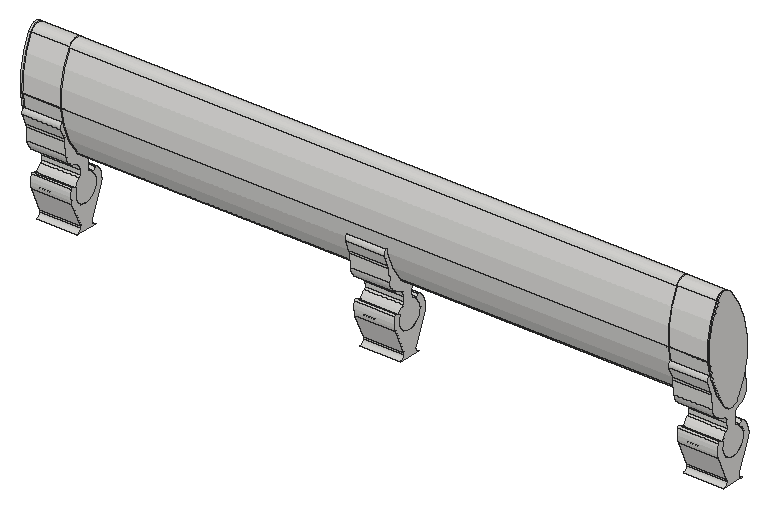
Revit family "Sunshade-Kawneer-Versoleil", category Specialty Equipment, host Face, Revit 2015 (continued)
Definition of nested family "Mounting_Arm-Kawneer-Metal"
  Lines and regions (in)
    Masking region 2, visible <- "CTRL 15 Degrees Visibility"
      outline origin (-0.15722, 0, 0) x (0, 1, 0) y (0, 0, 1)
        loop
          arc (-0.99022, 1.3294) -> (-0.69097, 1.22355) -> (-0.51575, 0.95888) r 0.5
          line (-0.51575, 0.95888) -> (-0.4461, 0.69893)
          arc (-0.4461, 0.69893) -> (-0.4475, 0.62938) -> (-0.48586, 0.57135) r 0.125
    Masking region 3, visible <- "CTRL 10 Degrees Visibility"
      outline origin (-0.15722, 0, 0) x (0, 0.996195, -0.087156) y (0, 0.087156, 0.996195)
        loop
          arc (-0.48586, 0.57135) -> (0.19411, -0.72444) -> (0.13509, 0.73773) r 0.75
          arc (0.13509, 0.73773) -> (0.07286, 0.76881) -> (0.03687, 0.82834) r 0.125
          line (0.03687, 0.82834) -> (-0.03279, 1.08829)
          arc (-0.03279, 1.08829) -> (-0.01337, 1.40511) -> (0.19285, 1.6464) r 0.5
          arc (0.19285, 1.6464) -> (0.50219, 2.00834) -> (0.53131, 2.48357) r 0.75
          line (0.53131, 2.48357) -> (0.33719, 3.20801)
          arc (0.33719, 3.20801) -> (0.32236, 3.2905) -> (0.32152, 3.3743) r 0.5
          arc (0.32152, 3.3743) -> (0.33945, 3.67757) -> (0.34843, 3.98124) r 10.28925
          arc (0.34843, 3.98124) -> (0.27673, 4.16019) -> (0.09903, 4.23493) r 0.25
          arc (0.09903, 4.23493) -> (0.05416, 3.17969) -> (-0.10133, 2.135) r 10.03925
          arc (-0.10133, 2.135) -> (-0.46769, 1.74543) -> (-0.97975, 1.89963) r 0.508
          arc (-0.97975, 1.89963) -> (-1.63675, 2.72661) -> (-2.20323, 3.61804) r 10.03925
          arc (-2.20323, 3.61804) -> (-2.31827, 3.46408) -> (-2.29237, 3.27364) r 0.25373
          arc (-2.29237, 3.27364) -> (-2.13276, 3.01515) -> (-1.9656, 2.76147) r 10.28925
          arc (-1.9656, 2.76147) -> (-1.92443, 2.68847) -> (-1.89603, 2.60962) r 0.5
          line (-1.89603, 2.60962) -> (-1.70191, 1.88518)
          arc (-1.70191, 1.88518) -> (-1.43908, 1.48818) -> (-0.99022, 1.3294) r 0.75
          arc (-0.99022, 1.3294) -> (-0.69097, 1.22355) -> (-0.51575, 0.95888) r 0.5
          line (-0.51575, 0.95888) -> (-0.4461, 0.69893)
          arc (-0.4461, 0.69893) -> (-0.4475, 0.62938) -> (-0.48586, 0.57135) r 0.125
    Masking region 4, visible <- "CTRL 5 Degrees Visibility"
      outline origin (-0.15722, 0, 0) x (0, 0.984808, -0.173648) y (0, 0.173648, 0.984808)
        loop
          arc (-0.48586, 0.57135) -> (0.19411, -0.72444) -> (0.13509, 0.73773) r 0.75
          arc (0.13509, 0.73773) -> (0.07286, 0.76881) -> (0.03687, 0.82834) r 0.125
          line (0.03687, 0.82834) -> (-0.03279, 1.08829)
          arc (-0.03279, 1.08829) -> (-0.01337, 1.40511) -> (0.19285, 1.6464) r 0.5
          arc (0.19285, 1.6464) -> (0.50219, 2.00834) -> (0.53131, 2.48357) r 0.75
          line (0.53131, 2.48357) -> (0.33719, 3.20801)
          arc (0.33719, 3.20801) -> (0.32236, 3.2905) -> (0.32152, 3.3743) r 0.5
          arc (0.32152, 3.3743) -> (0.33945, 3.67757) -> (0.34843, 3.98124) r 10.28925
          arc (0.34843, 3.98124) -> (0.27673, 4.16019) -> (0.09903, 4.23493) r 0.25
          arc (0.09903, 4.23493) -> (0.05416, 3.17969) -> (-0.10133, 2.135) r 10.03925
          arc (-0.10133, 2.135) -> (-0.46769, 1.74543) -> (-0.97975, 1.89963) r 0.508
          arc (-0.97975, 1.89963) -> (-1.63675, 2.72661) -> (-2.20323, 3.61804) r 10.03925
          arc (-2.20323, 3.61804) -> (-2.31827, 3.46408) -> (-2.29237, 3.27364) r 0.25373
          arc (-2.29237, 3.27364) -> (-2.13276, 3.01515) -> (-1.9656, 2.76147) r 10.28925
          arc (-1.9656, 2.76147) -> (-1.92443, 2.68847) -> (-1.89603, 2.60962) r 0.5
          line (-1.89603, 2.60962) -> (-1.70191, 1.88518)
          arc (-1.70191, 1.88518) -> (-1.43908, 1.48818) -> (-0.99022, 1.3294) r 0.75
          arc (-0.99022, 1.3294) -> (-0.69097, 1.22355) -> (-0.51575, 0.95888) r 0.5
          line (-0.51575, 0.95888) -> (-0.4461, 0.69893)
          arc (-0.4461, 0.69893) -> (-0.4475, 0.62938) -> (-0.48586, 0.57135) r 0.125
    Masking region 5, visible <- "CTRL 0 Degrees Visibility"
      outline origin (-0.15722, 0, 0) x (0, 0.965926, -0.258819) y (0, 0.258819, 0.965926)
        loop
          arc (-0.48586, 0.57135) -> (0.19411, -0.72444) -> (0.13509, 0.73773) r 0.75
          arc (0.13509, 0.73773) -> (0.07286, 0.76881) -> (0.03687, 0.82834) r 0.125
          line (0.03687, 0.82834) -> (-0.03279, 1.08829)
          arc (-0.03279, 1.08829) -> (-0.01337, 1.40511) -> (0.19285, 1.6464) r 0.5
          arc (0.19285, 1.6464) -> (0.50219, 2.00834) -> (0.53131, 2.48357) r 0.75
          line (0.53131, 2.48357) -> (0.33719, 3.20801)
          arc (0.33719, 3.20801) -> (0.32236, 3.2905) -> (0.32152, 3.3743) r 0.5
          arc (0.32152, 3.3743) -> (0.33945, 3.67757) -> (0.34843, 3.98124) r 10.28925
          arc (0.34843, 3.98124) -> (0.27673, 4.16019) -> (0.09903, 4.23493) r 0.25
          arc (0.09903, 4.23493) -> (0.05416, 3.17969) -> (-0.10133, 2.135) r 10.03925
          arc (-0.10133, 2.135) -> (-0.46769, 1.74543) -> (-0.97975, 1.89963) r 0.508
          arc (-0.97975, 1.89963) -> (-1.63675, 2.72661) -> (-2.20323, 3.61804) r 10.03925
          arc (-2.20323, 3.61804) -> (-2.31827, 3.46408) -> (-2.29237, 3.27364) r 0.25373
          arc (-2.29237, 3.27364) -> (-2.13276, 3.01515) -> (-1.9656, 2.76147) r 10.28925
          arc (-1.9656, 2.76147) -> (-1.92443, 2.68847) -> (-1.89603, 2.60962) r 0.5
          line (-1.89603, 2.60962) -> (-1.70191, 1.88518)
          arc (-1.70191, 1.88518) -> (-1.43908, 1.48818) -> (-0.99022, 1.3294) r 0.75
          arc (-0.99022, 1.3294) -> (-0.69097, 1.22355) -> (-0.51575, 0.95888) r 0.5
          line (-0.51575, 0.95888) -> (-0.4461, 0.69893)
          arc (-0.4461, 0.69893) -> (-0.4475, 0.62938) -> (-0.48586, 0.57135) r 0.125
    Masking region 6, visible <- "CTRL 20 Degrees Visibility"
      outline origin (-0.15722, 0, 0) x (0, 0.996195, 0.087156) y (0, -0.087156, 0.996195)
        loop
          arc (-0.48586, 0.57135) -> (0.19411, -0.72444) -> (0.13509, 0.73773) r 0.75
          arc (0.13509, 0.73773) -> (0.07286, 0.76881) -> (0.03687, 0.82834) r 0.125
          line (0.03687, 0.82834) -> (-0.03279, 1.08829)
          arc (-0.03279, 1.08829) -> (-0.01337, 1.40511) -> (0.19285, 1.6464) r 0.5
          arc (0.19285, 1.6464) -> (0.50219, 2.00834) -> (0.53131, 2.48357) r 0.75
          line (0.53131, 2.48357) -> (0.33719, 3.20801)
          arc (0.33719, 3.20801) -> (0.32236, 3.2905) -> (0.32152, 3.3743) r 0.5
          arc (0.32152, 3.3743) -> (0.33945, 3.67757) -> (0.34843, 3.98124) r 10.28925
          arc (0.34843, 3.98124) -> (0.27673, 4.16019) -> (0.09903, 4.23493) r 0.25
          arc (0.09903, 4.23493) -> (0.05416, 3.17969) -> (-0.10133, 2.135) r 10.03925
          arc (-0.10133, 2.135) -> (-0.46769, 1.74543) -> (-0.97975, 1.89963) r 0.508
          arc (-0.97975, 1.89963) -> (-1.63675, 2.72661) -> (-2.20323, 3.61804) r 10.03925
          arc (-2.20323, 3.61804) -> (-2.31827, 3.46408) -> (-2.29237, 3.27364) r 0.25373
          arc (-2.29237, 3.27364) -> (-2.13276, 3.01515) -> (-1.9656, 2.76147) r 10.28925
          arc (-1.9656, 2.76147) -> (-1.92443, 2.68847) -> (-1.89603, 2.60962) r 0.5
          line (-1.89603, 2.60962) -> (-1.70191, 1.88518)
          arc (-1.70191, 1.88518) -> (-1.43908, 1.48818) -> (-0.99022, 1.3294) r 0.75
          arc (-0.99022, 1.3294) -> (-0.69097, 1.22355) -> (-0.51575, 0.95888) r 0.5
          line (-0.51575, 0.95888) -> (-0.4461, 0.69893)
          arc (-0.4461, 0.69893) -> (-0.4475, 0.62938) -> (-0.48586, 0.57135) r 0.125
    Masking region 7, visible <- "CTRL 25 Degrees Visibility"
      outline origin (-0.15722, 0, 0) x (0, 0.984808, 0.173648) y (0, -0.173648, 0.984808)
        loop
          arc (-0.48586, 0.57135) -> (0.19411, -0.72444) -> (0.13509, 0.73773) r 0.75
          arc (0.13509, 0.73773) -> (0.07286, 0.76881) -> (0.03687, 0.82834) r 0.125
          line (0.03687, 0.82834) -> (-0.03279, 1.08829)
          arc (-0.03279, 1.08829) -> (-0.01337, 1.40511) -> (0.19285, 1.6464) r 0.5
          arc (0.19285, 1.6464) -> (0.50219, 2.00834) -> (0.53131, 2.48357) r 0.75
          line (0.53131, 2.48357) -> (0.33719, 3.20801)
          arc (0.33719, 3.20801) -> (0.32236, 3.2905) -> (0.32152, 3.3743) r 0.5
          arc (0.32152, 3.3743) -> (0.33945, 3.67757) -> (0.34843, 3.98124) r 10.28925
          arc (0.34843, 3.98124) -> (0.27673, 4.16019) -> (0.09903, 4.23493) r 0.25
          arc (0.09903, 4.23493) -> (0.05416, 3.17969) -> (-0.10133, 2.135) r 10.03925
          arc (-0.10133, 2.135) -> (-0.46769, 1.74543) -> (-0.97975, 1.89963) r 0.508
          arc (-0.97975, 1.89963) -> (-1.63675, 2.72661) -> (-2.20323, 3.61804) r 10.03925
          arc (-2.20323, 3.61804) -> (-2.31827, 3.46408) -> (-2.29237, 3.27364) r 0.25373
          arc (-2.29237, 3.27364) -> (-2.13276, 3.01515) -> (-1.9656, 2.76147) r 10.28925
          arc (-1.9656, 2.76147) -> (-1.92443, 2.68847) -> (-1.89603, 2.60962) r 0.5
          line (-1.89603, 2.60962) -> (-1.70191, 1.88518)
          arc (-1.70191, 1.88518) -> (-1.43908, 1.48818) -> (-0.99022, 1.3294) r 0.75
          arc (-0.99022, 1.3294) -> (-0.69097, 1.22355) -> (-0.51575, 0.95888) r 0.5
          line (-0.51575, 0.95888) -> (-0.4461, 0.69893)
          arc (-0.4461, 0.69893) -> (-0.4475, 0.62938) -> (-0.48586, 0.57135) r 0.125
    Masking region 8, visible <- "CTRL 30 Degrees Visibility"
      outline origin (-0.15722, 0, 0) x (0, 0.965926, 0.258819) y (0, -0.258819, 0.965926)
        loop
          arc (-0.48586, 0.57135) -> (0.19411, -0.72444) -> (0.13509, 0.73773) r 0.75
          arc (0.13509, 0.73773) -> (0.07286, 0.76881) -> (0.03687, 0.82834) r 0.125
          line (0.03687, 0.82834) -> (-0.03279, 1.08829)
          arc (-0.03279, 1.08829) -> (-0.01337, 1.40511) -> (0.19285, 1.6464) r 0.5
          arc (0.19285, 1.6464) -> (0.50219, 2.00834) -> (0.53131, 2.48357) r 0.75
          line (0.53131, 2.48357) -> (0.33719, 3.20801)
          arc (0.33719, 3.20801) -> (0.32236, 3.2905) -> (0.32152, 3.3743) r 0.5
          arc (0.32152, 3.3743) -> (0.33945, 3.67757) -> (0.34843, 3.98124) r 10.28925
          arc (0.34843, 3.98124) -> (0.27673, 4.16019) -> (0.09903, 4.23493) r 0.25
          arc (0.09903, 4.23493) -> (0.05416, 3.17969) -> (-0.10133, 2.135) r 10.03925
          arc (-0.10133, 2.135) -> (-0.46769, 1.74543) -> (-0.97975, 1.89963) r 0.508
          arc (-0.97975, 1.89963) -> (-1.63675, 2.72661) -> (-2.20323, 3.61804) r 10.03925
          arc (-2.20323, 3.61804) -> (-2.31827, 3.46408) -> (-2.29237, 3.27364) r 0.25373
          arc (-2.29237, 3.27364) -> (-2.13276, 3.01515) -> (-1.9656, 2.76147) r 10.28925
          arc (-1.9656, 2.76147) -> (-1.92443, 2.68847) -> (-1.89603, 2.60962) r 0.5
          line (-1.89603, 2.60962) -> (-1.70191, 1.88518)
          arc (-1.70191, 1.88518) -> (-1.43908, 1.48818) -> (-0.99022, 1.3294) r 0.75
          arc (-0.99022, 1.3294) -> (-0.69097, 1.22355) -> (-0.51575, 0.95888) r 0.5
          line (-0.51575, 0.95888) -> (-0.4461, 0.69893)
          arc (-0.4461, 0.69893) -> (-0.4475, 0.62938) -> (-0.48586, 0.57135) r 0.125
    Masking region 9, visible <- "CTRL 35 Degrees Visibility"
      outline origin (-0.15722, 0, 0) x (0, 0.939693, 0.34202) y (0, -0.34202, 0.939693)
        loop
          arc (-0.48586, 0.57135) -> (0.19411, -0.72444) -> (0.13509, 0.73773) r 0.75
          arc (0.13509, 0.73773) -> (0.07286, 0.76881) -> (0.03687, 0.82834) r 0.125
          line (0.03687, 0.82834) -> (-0.03279, 1.08829)
          arc (-0.03279, 1.08829) -> (-0.01337, 1.40511) -> (0.19285, 1.6464) r 0.5
          arc (0.19285, 1.6464) -> (0.50219, 2.00834) -> (0.53131, 2.48357) r 0.75
          line (0.53131, 2.48357) -> (0.33719, 3.20801)
          arc (0.33719, 3.20801) -> (0.32236, 3.2905) -> (0.32152, 3.3743) r 0.5
          arc (0.32152, 3.3743) -> (0.33945, 3.67757) -> (0.34843, 3.98124) r 10.28925
          arc (0.34843, 3.98124) -> (0.27673, 4.16019) -> (0.09903, 4.23493) r 0.25
          arc (0.09903, 4.23493) -> (0.05416, 3.17969) -> (-0.10133, 2.135) r 10.03925
          arc (-0.10133, 2.135) -> (-0.46769, 1.74543) -> (-0.97975, 1.89963) r 0.508
          arc (-0.97975, 1.89963) -> (-1.63675, 2.72661) -> (-2.20323, 3.61804) r 10.03925
          arc (-2.20323, 3.61804) -> (-2.31827, 3.46408) -> (-2.29237, 3.27364) r 0.25373
          arc (-2.29237, 3.27364) -> (-2.13276, 3.01515) -> (-1.9656, 2.76147) r 10.28925
          arc (-1.9656, 2.76147) -> (-1.92443, 2.68847) -> (-1.89603, 2.60962) r 0.5
          line (-1.89603, 2.60962) -> (-1.70191, 1.88518)
          arc (-1.70191, 1.88518) -> (-1.43908, 1.48818) -> (-0.99022, 1.3294) r 0.75
          arc (-0.99022, 1.3294) -> (-0.69097, 1.22355) -> (-0.51575, 0.95888) r 0.5
          line (-0.51575, 0.95888) -> (-0.4461, 0.69893)
          arc (-0.4461, 0.69893) -> (-0.4475, 0.62938) -> (-0.48586, 0.57135) r 0.125
    Masking region 10
      outline origin (0, 0, 0) x (1, 0, 0) y (0, 0, 1)
        loop
          line (0.92091, -0.74988) -> (0.92091, 4.24469) -> (-1.23534, 4.24469) -> (-1.23534, -0.74988) -> (0.92091, -0.74988)
    Masking region 11
      outline origin (0, 0, 4.24469) x (-1, 0, 0) y (0, -1, 0)
        loop
          line (-0.92091, 1.375) -> (-0.92091, -1.375) -> (1.23534, -1.375) -> (1.23534, 1.375) -> (-0.92091, 1.375)
    model lines, not visible
      curve 1: line (-0.15722, -1.61409, 5.62135) -> (-0.15722, 0.19181, 5.68441)
    model lines, detail levels coarse
      curve 2: line (-0.15722, 0, 0) -> (-0.15722, 0, 1.807)
      curve 3: line (-0.15722, 0, 1.807) -> (-0.15722, 1.19174, 4.065)
      curve 4: line (-0.15722, 0, 1.807) -> (-0.15722, -1.19174, 4.065)
      curve 5: circle (-0.15722, 0, 0) r 0.75 normal (1, 0, 0)
  Dimensions and locks (in)
    equal spacing: plane 4 "Left", plane 3 "Center (Left/Right)", plane 5 "Right"
    "Width": plane 4 "Left" to plane 5 "Right"
    "CTRL Front Offset": plane 9 "Front" to plane 1 "Center (Front/Back)"
    "CTRL Back Offset": plane 1 "Center (Front/Back)" to plane 8 "Back"
    locked: plane 2 "Bottom" to plane 6 "Bottom Offset" at 0.74988
    locked: plane 7 "Top" to plane 2 "Bottom" at 4.24469
    locked: curve 2 to curve 3 (angle 152.176°)
    locked: curve 3 to curve 4 (angle 55.6489°)
    angle curve 4 to curve 2 = 152.176°
    "Angle": angle plane 1 "Center (Front/Back)" to curve 2
    aligned and locked: plane 1 "Center (Front/Back)" to Sweep 1 sketch curve
    aligned and locked: plane 5 "Right" to Sweep 1 sketch curve
    aligned and locked: plane 4 "Left" to Sweep 1 sketch curve
    aligned and locked: plane 2 "Bottom" to curve 2
    aligned and locked: plane 1 "Center (Front/Back)" to curve 2
    aligned and locked: plane 2 "Bottom" to curve 5
    aligned and locked: plane 1 "Center (Front/Back)" to curve 5
    aligned and locked: plane 2 "Bottom" to Masking region 2 sketch curve
    aligned and locked: plane 1 "Center (Front/Back)" to Masking region 2 sketch curve
    aligned and locked: Masking region 10 sketch curve to plane 7 "Top"
    aligned and locked: Masking region 10 sketch curve to plane 4 "Left"
    aligned and locked: plane 5 "Right" to Masking region 10 sketch curve
    aligned and locked: plane 6 "Bottom Offset" to Masking region 10 sketch curve
    aligned and locked: Masking region 11 sketch curve to plane 8 "Back"
    aligned and locked: Masking region 11 sketch curve to plane 4 "Left"
    aligned and locked: plane 5 "Right" to Masking region 11 sketch curve
    aligned and locked: plane 9 "Front" to Masking region 11 sketch curve
  Automatic sketch dimensions
    Masking region 1 sketch curve to Masking region 1 sketch curve = 0' - 0.24963"
    Masking region 1 sketch curve to Masking region 1 sketch curve = 0' - 0.01677"
    Masking region 1 sketch curve to Masking region 1 sketch curve = 0' - 0"  (x17)
    Masking region 1 sketch curve to Masking region 1 sketch curve = 0' - 0.24593"
    Masking region 1 sketch curve to Masking region 1 sketch curve = 0' - 0.22407"
    Masking region 1 sketch curve to Masking region 1 sketch curve = 0' - 0.11519"
    Masking region 1 sketch curve to Masking region 1 sketch curve = 0' - 0.06293"
    Masking region 1 sketch curve to Masking region 1 sketch curve = 0' - 0.16688"
    Masking region 1 sketch curve to Masking region 1 sketch curve = 0' - 0.15528"
    Masking region 1 sketch curve to Masking region 1 sketch curve = 0' - 0.10396"  (x4)
    Masking region 1 sketch curve to Masking region 1 sketch curve = 0' - 0.15593"
    Masking region 1 sketch curve to Masking region 1 sketch curve = 0' - 0.03201"
    Masking region 1 sketch curve to Masking region 1 sketch curve = 0' - 0.15904"
    Masking region 1 sketch curve to Masking region 1 sketch curve = 0' - 0.13681"
    Masking region 1 sketch curve to Masking region 1 sketch curve = 0' - 0.1793"
    Masking region 1 sketch curve to Masking region 1 sketch curve = 0' - 0.50333"
    Masking region 1 sketch curve to Masking region 1 sketch curve = 0' - 0.44158"
    Masking region 1 sketch curve to Masking region 1 sketch curve = 0' - 0.23726"
    Masking region 1 sketch curve to Masking region 1 sketch curve = 0' - 0.02599"  (x2)
    Masking region 1 sketch curve to Masking region 1 sketch curve = 0' - 0.12161"
    Masking region 1 sketch curve to Masking region 1 sketch curve = 0' - 0.26325"
    Masking region 1 sketch curve to Masking region 1 sketch curve = 0' - 0.09933"
    Masking region 1 sketch curve to Masking region 1 sketch curve = 0' - 0.12803"
    Masking region 1 sketch curve to Masking region 1 sketch curve = 0' - 0.10704"
    Masking region 1 sketch curve to Masking region 1 sketch curve = 0' - 0.42755"
    Masking region 1 sketch curve to Masking region 1 sketch curve = 0' - 0.72193"
    Masking region 1 sketch curve to Masking region 1 sketch curve = 0' - 0.07495"
    Masking region 1 sketch curve to Masking region 1 sketch curve = 0' - 0.03465"
    Masking region 1 sketch curve to Masking region 1 sketch curve = 0' - 0.06631"
    Masking region 1 sketch curve to Masking region 1 sketch curve = 0' - 0.38599"
    Masking region 1 sketch curve to Masking region 1 sketch curve = 0' - 0.07588"
    Masking region 1 sketch curve to Masking region 1 sketch curve = 0' - 0.0836"
    Masking region 1 sketch curve to Masking region 1 sketch curve = 0' - 0.1493"
    Masking region 1 sketch curve to Masking region 1 sketch curve = 0' - 0.09335"
    Masking region 1 sketch curve to Masking region 1 sketch curve = 0' - 0.26821"
    Masking region 1 sketch curve to Masking region 1 sketch curve = 0' - 0.01366"
    Masking region 1 sketch curve to Masking region 1 sketch curve = 0' - 0.05863"
    Masking region 1 sketch curve to Masking region 1 sketch curve = 0' - 0.00695"
    curve 1 to curve 1 = 0' - 0.31378"
    curve 1 to curve 1 = 0' - 1.77955"
    Masking region 2 sketch curve to Masking region 2 sketch curve = 0' - 0"  (x13)
    plane 1 "Center (Front/Back)" to Masking region 2 sketch curve = 0' - 0.03279"
    plane 1 "Center (Front/Back)" to Masking region 2 sketch curve = 0' - 0.10133"
    Masking region 2 sketch curve to Masking region 2 sketch curve = 0' - 0.0918"
    plane 1 "Center (Front/Back)" to Masking region 2 sketch curve = 0' - 0.4461"
    Masking region 2 sketch curve to Masking region 2 sketch curve = 0' - 0.03976"
    Masking region 2 sketch curve to Masking region 2 sketch curve = 0' - 0.06966"
    Masking region 2 sketch curve to Masking region 2 sketch curve = 0' - 0.08098"
    Masking region 2 sketch curve to Masking region 2 sketch curve = 0' - 0.40603"
    Masking region 2 sketch curve to Masking region 2 sketch curve = 0' - 0.3783"
    Masking region 2 sketch curve to Masking region 2 sketch curve = 0' - 0.00228"
    Masking region 2 sketch curve to Masking region 2 sketch curve = 0' - 0.01047"
    Masking region 2 sketch curve to Masking region 2 sketch curve = 0' - 0.43188"
    Masking region 2 sketch curve to Masking region 2 sketch curve = 0' - 0.72216"
    Masking region 2 sketch curve to Masking region 2 sketch curve = 0' - 0.19411"
    Masking region 2 sketch curve to Masking region 2 sketch curve = 0' - 0.06957"
    Masking region 2 sketch curve to Masking region 2 sketch curve = 0' - 0.10703"
    Masking region 2 sketch curve to Masking region 2 sketch curve = 0' - 0.1306"
    Masking region 2 sketch curve to Masking region 2 sketch curve = 0' - 0.21974"
    Masking region 2 sketch curve to Masking region 2 sketch curve = 0' - 0.41339"
    level to Masking region 2 sketch curve = 0' - 4.13325"
    Masking region 2 sketch curve to Masking region 2 sketch curve = 0' - 7.64734"
    Masking region 2 sketch curve to plane 1 "Center (Front/Back)" = 0' - 0.03687"
    Masking region 2 sketch curve to plane 1 "Center (Front/Back)" = 0' - 0.09845"
    Masking region 2 sketch curve to plane 1 "Center (Front/Back)" = 0' - 0.09903"
    Masking region 2 sketch curve to Masking region 2 sketch curve = 0' - 0.09823"
    Masking region 2 sketch curve to Masking region 2 sketch curve = 0' - 0.02252"
    Masking region 2 sketch curve to plane 1 "Center (Front/Back)" = 0' - 0.19285"
    Masking region 2 sketch curve to plane 1 "Center (Front/Back)" = 0' - 0.32152"
    Masking region 2 sketch curve to Masking region 2 sketch curve = 0' - 0.01568"
    Masking region 2 sketch curve to Masking region 2 sketch curve = 0' - 0.24997"
    Masking region 2 sketch curve to plane 1 "Center (Front/Back)" = 0' - 0.45017"
    Masking region 2 sketch curve to plane 1 "Center (Front/Back)" = 0' - 0.53131"
    Masking region 2 sketch curve to Masking region 2 sketch curve = 0' - 0.48296"
    Masking region 2 sketch curve to plane 1 "Center (Front/Back)" = 0' - 6.54141"
    level to Masking region 2 sketch curve = 0' - 0.57135"
    Masking region 2 sketch curve to Masking region 2 sketch curve = 0' - 0.1629"
    Masking region 2 sketch curve to Masking region 2 sketch curve = 0' - 0.25996"  (x2)
    Masking region 2 sketch curve to Masking region 2 sketch curve = 0' - 0.35701"
    Masking region 2 sketch curve to Masking region 2 sketch curve = 0' - 0.17966"
    Masking region 2 sketch curve to Masking region 2 sketch curve = 0' - 0.59503"
    Masking region 3 sketch curve to Masking region 3 sketch curve = 0' - 0"  (x13)
    Masking region 3 sketch curve to level = 0' - 0"
    Masking region 3 sketch curve to plane 1 "Center (Front/Back)" = 0' - 0"
    Masking region 3 sketch curve to Masking region 3 sketch curve = 0' - 0.03279"
    Masking region 3 sketch curve to Masking region 3 sketch curve = 0' - 0.06854"
    Masking region 3 sketch curve to Masking region 3 sketch curve = 0' - 0.0918"
    Masking region 3 sketch curve to Masking region 3 sketch curve = 0' - 0.41331"
    Masking region 3 sketch curve to Masking region 3 sketch curve = 0' - 0.03976"
    Masking region 3 sketch curve to Masking region 3 sketch curve = 0' - 0.06966"  (x2)
    Masking region 3 sketch curve to Masking region 3 sketch curve = 0' - 0.08098"
    Masking region 3 sketch curve to Masking region 3 sketch curve = 0' - 0.40603"
    Masking region 3 sketch curve to Masking region 3 sketch curve = 0' - 0.3783"
    Masking region 3 sketch curve to Masking region 3 sketch curve = 0' - 0.00228"
    Masking region 3 sketch curve to Masking region 3 sketch curve = 0' - 0.01047"
    Masking region 3 sketch curve to Masking region 3 sketch curve = 0' - 0.43188"
    Masking region 3 sketch curve to Masking region 3 sketch curve = 0' - 0.72216"
    Masking region 3 sketch curve to Masking region 3 sketch curve = 0' - 0.19411"
    Masking region 3 sketch curve to Masking region 3 sketch curve = 0' - 0.06957"
    Masking region 3 sketch curve to Masking region 3 sketch curve = 0' - 0.10703"
    Masking region 3 sketch curve to Masking region 3 sketch curve = 0' - 0.1306"
    Masking region 3 sketch curve to Masking region 3 sketch curve = 0' - 0.21974"
    Masking region 3 sketch curve to Masking region 3 sketch curve = 0' - 0.41339"
    Masking region 3 sketch curve to Masking region 3 sketch curve = 0' - 7.64734"
    Masking region 3 sketch curve to Masking region 3 sketch curve = 0' - 0.29159"
    Masking region 3 sketch curve to Masking region 3 sketch curve = 0' - 0.00058"
    Masking region 3 sketch curve to Masking region 3 sketch curve = 0' - 0.09823"
    Masking region 3 sketch curve to Masking region 3 sketch curve = 0' - 0.12074"
    Masking region 3 sketch curve to Masking region 3 sketch curve = 0' - 0.29418"
    Masking region 3 sketch curve to Masking region 3 sketch curve = 0' - 0.22307"
    Masking region 3 sketch curve to Masking region 3 sketch curve = 0' - 0.01568"
    Masking region 3 sketch curve to Masking region 3 sketch curve = 0' - 0.24997"
    Masking region 3 sketch curve to Masking region 3 sketch curve = 0' - 0.29257"
    Masking region 3 sketch curve to Masking region 3 sketch curve = 0' - 0.63264"
    Masking region 3 sketch curve to Masking region 3 sketch curve = 0' - 0.48296"
    Masking region 3 sketch curve to Masking region 3 sketch curve = 0' - 6.19298"
    Masking region 3 sketch curve to Masking region 3 sketch curve = 0' - 0.57135"
    Masking region 3 sketch curve to Masking region 3 sketch curve = 0' - 0.1629"
    Masking region 3 sketch curve to Masking region 3 sketch curve = 0' - 0.25996"  (x2)
    Masking region 3 sketch curve to Masking region 3 sketch curve = 0' - 0.35701"
    Masking region 3 sketch curve to Masking region 3 sketch curve = 0' - 0.17966"
    Masking region 3 sketch curve to Masking region 3 sketch curve = 0' - 0.15445"
    Masking region 3 sketch curve to Masking region 3 sketch curve = 0' - 0.59503"
    Masking region 4 sketch curve to Masking region 4 sketch curve = 0' - 0"  (x13)
    Masking region 4 sketch curve to level = 0' - 0"
    Masking region 4 sketch curve to plane 1 "Center (Front/Back)" = 0' - 0"
    Masking region 4 sketch curve to Masking region 4 sketch curve = 0' - 0.03279"
    Masking region 4 sketch curve to Masking region 4 sketch curve = 0' - 0.06854"
    Masking region 4 sketch curve to Masking region 4 sketch curve = 0' - 0.0918"
    Masking region 4 sketch curve to Masking region 4 sketch curve = 0' - 0.41331"
    Masking region 4 sketch curve to Masking region 4 sketch curve = 0' - 0.03976"
    Masking region 4 sketch curve to Masking region 4 sketch curve = 0' - 0.06966"  (x2)
    Masking region 4 sketch curve to Masking region 4 sketch curve = 0' - 0.08098"
    Masking region 4 sketch curve to Masking region 4 sketch curve = 0' - 0.40603"
    Masking region 4 sketch curve to Masking region 4 sketch curve = 0' - 0.3783"
    Masking region 4 sketch curve to Masking region 4 sketch curve = 0' - 0.00228"
    Masking region 4 sketch curve to Masking region 4 sketch curve = 0' - 0.01047"
    Masking region 4 sketch curve to Masking region 4 sketch curve = 0' - 0.43188"
    Masking region 4 sketch curve to Masking region 4 sketch curve = 0' - 0.72216"
    Masking region 4 sketch curve to Masking region 4 sketch curve = 0' - 0.19411"
    Masking region 4 sketch curve to Masking region 4 sketch curve = 0' - 0.06957"
    Masking region 4 sketch curve to Masking region 4 sketch curve = 0' - 0.10703"
    Masking region 4 sketch curve to Masking region 4 sketch curve = 0' - 0.1306"
    Masking region 4 sketch curve to Masking region 4 sketch curve = 0' - 0.21974"
    Masking region 4 sketch curve to Masking region 4 sketch curve = 0' - 0.41339"
    Masking region 4 sketch curve to Masking region 4 sketch curve = 0' - 7.64734"
    Masking region 4 sketch curve to Masking region 4 sketch curve = 0' - 0.29159"
    Masking region 4 sketch curve to Masking region 4 sketch curve = 0' - 0.00058"
    Masking region 4 sketch curve to Masking region 4 sketch curve = 0' - 0.09823"
    Masking region 4 sketch curve to Masking region 4 sketch curve = 0' - 0.02252"
    Masking region 4 sketch curve to Masking region 4 sketch curve = 0' - 0.29418"
    Masking region 4 sketch curve to Masking region 4 sketch curve = 0' - 0.22307"
    Masking region 4 sketch curve to Masking region 4 sketch curve = 0' - 0.01568"
    Masking region 4 sketch curve to Masking region 4 sketch curve = 0' - 0.24997"
    Masking region 4 sketch curve to Masking region 4 sketch curve = 0' - 0.29257"
    Masking region 4 sketch curve to Masking region 4 sketch curve = 0' - 0.63264"
    Masking region 4 sketch curve to Masking region 4 sketch curve = 0' - 0.48296"
    Masking region 4 sketch curve to Masking region 4 sketch curve = 0' - 6.19298"
    Masking region 4 sketch curve to Masking region 4 sketch curve = 0' - 0.57135"
    Masking region 4 sketch curve to Masking region 4 sketch curve = 0' - 0.1629"
    Masking region 4 sketch curve to Masking region 4 sketch curve = 0' - 0.25996"  (x2)
    Masking region 4 sketch curve to Masking region 4 sketch curve = 0' - 0.35701"
    Masking region 4 sketch curve to Masking region 4 sketch curve = 0' - 0.17966"
    Masking region 4 sketch curve to Masking region 4 sketch curve = 0' - 0.15445"
    Masking region 4 sketch curve to Masking region 4 sketch curve = 0' - 0.59503"
    Masking region 5 sketch curve to Masking region 5 sketch curve = 0' - 0"  (x13)
    Masking region 5 sketch curve to plane 1 "Center (Front/Back)" = 0' - 0"  (x2)
    Masking region 5 sketch curve to level = 0' - 0"
    Masking region 5 sketch curve to Masking region 5 sketch curve = 0' - 0.03279"
    Masking region 5 sketch curve to Masking region 5 sketch curve = 0' - 0.06854"
    Masking region 5 sketch curve to Masking region 5 sketch curve = 0' - 0.0918"
    Masking region 5 sketch curve to Masking region 5 sketch curve = 0' - 0.41331"
    Masking region 5 sketch curve to Masking region 5 sketch curve = 0' - 0.03976"
    Masking region 5 sketch curve to Masking region 5 sketch curve = 0' - 0.06966"  (x2)
    Masking region 5 sketch curve to Masking region 5 sketch curve = 0' - 0.08098"
    Masking region 5 sketch curve to Masking region 5 sketch curve = 0' - 0.40603"
    Masking region 5 sketch curve to Masking region 5 sketch curve = 0' - 0.3783"
    Masking region 5 sketch curve to Masking region 5 sketch curve = 0' - 0.00228"
    Masking region 5 sketch curve to Masking region 5 sketch curve = 0' - 0.01047"
    Masking region 5 sketch curve to Masking region 5 sketch curve = 0' - 0.43188"
    Masking region 5 sketch curve to Masking region 5 sketch curve = 0' - 0.72216"
    Masking region 5 sketch curve to Masking region 5 sketch curve = 0' - 0.19411"
    Masking region 5 sketch curve to Masking region 5 sketch curve = 0' - 0.06957"
    Masking region 5 sketch curve to Masking region 5 sketch curve = 0' - 0.10703"
    Masking region 5 sketch curve to Masking region 5 sketch curve = 0' - 0.1306"
    Masking region 5 sketch curve to Masking region 5 sketch curve = 0' - 0.21974"
    Masking region 5 sketch curve to Masking region 5 sketch curve = 0' - 0.41339"
    Masking region 5 sketch curve to Masking region 5 sketch curve = 0' - 7.64734"
    Masking region 5 sketch curve to Masking region 5 sketch curve = 0' - 0.29159"
    Masking region 5 sketch curve to Masking region 5 sketch curve = 0' - 0.00058"
    Masking region 5 sketch curve to Masking region 5 sketch curve = 0' - 0.09823"
    Masking region 5 sketch curve to Masking region 5 sketch curve = 0' - 0.02252"
    Masking region 5 sketch curve to Masking region 5 sketch curve = 0' - 0.29418"
    Masking region 5 sketch curve to Masking region 5 sketch curve = 0' - 0.22307"
    Masking region 5 sketch curve to Masking region 5 sketch curve = 0' - 0.01568"
    Masking region 5 sketch curve to Masking region 5 sketch curve = 0' - 0.24997"
    Masking region 5 sketch curve to Masking region 5 sketch curve = 0' - 0.29257"
    Masking region 5 sketch curve to Masking region 5 sketch curve = 0' - 0.63264"
    Masking region 5 sketch curve to Masking region 5 sketch curve = 0' - 0.48296"
    Masking region 5 sketch curve to Masking region 5 sketch curve = 0' - 6.19298"
    Masking region 5 sketch curve to Masking region 5 sketch curve = 0' - 0.57135"
    Masking region 5 sketch curve to Masking region 5 sketch curve = 0' - 0.1629"
    Masking region 5 sketch curve to Masking region 5 sketch curve = 0' - 0.25996"  (x2)
    Masking region 5 sketch curve to Masking region 5 sketch curve = 0' - 0.35701"
    Masking region 5 sketch curve to Masking region 5 sketch curve = 0' - 0.17966"
    Masking region 5 sketch curve to Masking region 5 sketch curve = 0' - 0.59503"
    Masking region 6 sketch curve to Masking region 6 sketch curve = 0' - 0"  (x13)
    Masking region 6 sketch curve to level = 0' - 0"
    Masking region 6 sketch curve to plane 1 "Center (Front/Back)" = 0' - 0"
    Masking region 6 sketch curve to Masking region 6 sketch curve = 0' - 0.03279"
    Masking region 6 sketch curve to Masking region 6 sketch curve = 0' - 0.06854"
    Masking region 6 sketch curve to Masking region 6 sketch curve = 0' - 0.0918"
    Masking region 6 sketch curve to Masking region 6 sketch curve = 0' - 0.41331"
    Masking region 6 sketch curve to Masking region 6 sketch curve = 0' - 0.03976"
    Masking region 6 sketch curve to Masking region 6 sketch curve = 0' - 0.06966"  (x2)
    Masking region 6 sketch curve to Masking region 6 sketch curve = 0' - 0.08098"
    Masking region 6 sketch curve to Masking region 6 sketch curve = 0' - 0.40603"
    Masking region 6 sketch curve to Masking region 6 sketch curve = 0' - 0.3783"
    Masking region 6 sketch curve to Masking region 6 sketch curve = 0' - 0.00228"
    Masking region 6 sketch curve to Masking region 6 sketch curve = 0' - 0.01047"
    Masking region 6 sketch curve to Masking region 6 sketch curve = 0' - 0.43188"
    Masking region 6 sketch curve to Masking region 6 sketch curve = 0' - 0.72216"
    Masking region 6 sketch curve to Masking region 6 sketch curve = 0' - 0.19411"
    Masking region 6 sketch curve to Masking region 6 sketch curve = 0' - 0.06957"
    Masking region 6 sketch curve to Masking region 6 sketch curve = 0' - 0.10703"
    Masking region 6 sketch curve to Masking region 6 sketch curve = 0' - 0.1306"
    Masking region 6 sketch curve to Masking region 6 sketch curve = 0' - 0.21974"
    Masking region 6 sketch curve to Masking region 6 sketch curve = 0' - 0.41339"
    Masking region 6 sketch curve to Masking region 6 sketch curve = 0' - 7.64734"
    Masking region 6 sketch curve to Masking region 6 sketch curve = 0' - 0.29159"
    Masking region 6 sketch curve to Masking region 6 sketch curve = 0' - 0.00058"
    Masking region 6 sketch curve to Masking region 6 sketch curve = 0' - 0.09823"
    Masking region 6 sketch curve to Masking region 6 sketch curve = 0' - 0.02252"
    Masking region 6 sketch curve to Masking region 6 sketch curve = 0' - 0.29418"
    Masking region 6 sketch curve to Masking region 6 sketch curve = 0' - 0.22307"
    Masking region 6 sketch curve to Masking region 6 sketch curve = 0' - 0.01568"
    Masking region 6 sketch curve to Masking region 6 sketch curve = 0' - 0.24997"
    Masking region 6 sketch curve to Masking region 6 sketch curve = 0' - 0.29257"
    Masking region 6 sketch curve to Masking region 6 sketch curve = 0' - 0.63264"
    Masking region 6 sketch curve to Masking region 6 sketch curve = 0' - 0.48296"
    Masking region 6 sketch curve to Masking region 6 sketch curve = 0' - 6.19298"
    Masking region 6 sketch curve to Masking region 6 sketch curve = 0' - 0.57135"
    Masking region 6 sketch curve to Masking region 6 sketch curve = 0' - 0.1629"
    Masking region 6 sketch curve to Masking region 6 sketch curve = 0' - 0.25996"  (x2)
    Masking region 6 sketch curve to Masking region 6 sketch curve = 0' - 0.35701"
    Masking region 6 sketch curve to Masking region 6 sketch curve = 0' - 0.17966"
    Masking region 6 sketch curve to Masking region 6 sketch curve = 0' - 0.15445"
    Masking region 6 sketch curve to Masking region 6 sketch curve = 0' - 0.59503"
    Masking region 7 sketch curve to Masking region 7 sketch curve = 0' - 0"  (x13)
    Masking region 7 sketch curve to level = 0' - 0"
    Masking region 7 sketch curve to plane 1 "Center (Front/Back)" = 0' - 0"
    Masking region 7 sketch curve to Masking region 7 sketch curve = 0' - 0.03279"
    Masking region 7 sketch curve to Masking region 7 sketch curve = 0' - 0.06854"
    Masking region 7 sketch curve to Masking region 7 sketch curve = 0' - 0.0918"
    Masking region 7 sketch curve to Masking region 7 sketch curve = 0' - 0.41331"
    Masking region 7 sketch curve to Masking region 7 sketch curve = 0' - 0.03976"
    Masking region 7 sketch curve to Masking region 7 sketch curve = 0' - 0.06966"  (x2)
    Masking region 7 sketch curve to Masking region 7 sketch curve = 0' - 0.08098"
    Masking region 7 sketch curve to Masking region 7 sketch curve = 0' - 0.40603"
    Masking region 7 sketch curve to Masking region 7 sketch curve = 0' - 0.3783"
    Masking region 7 sketch curve to Masking region 7 sketch curve = 0' - 0.00228"
    Masking region 7 sketch curve to Masking region 7 sketch curve = 0' - 0.01047"
    Masking region 7 sketch curve to Masking region 7 sketch curve = 0' - 0.43188"
    Masking region 7 sketch curve to Masking region 7 sketch curve = 0' - 0.72216"
    Masking region 7 sketch curve to Masking region 7 sketch curve = 0' - 0.19411"
    Masking region 7 sketch curve to Masking region 7 sketch curve = 0' - 0.06957"
    Masking region 7 sketch curve to Masking region 7 sketch curve = 0' - 0.10703"
    Masking region 7 sketch curve to Masking region 7 sketch curve = 0' - 0.1306"
    Masking region 7 sketch curve to Masking region 7 sketch curve = 0' - 0.21974"
    Masking region 7 sketch curve to Masking region 7 sketch curve = 0' - 0.41339"
    Masking region 7 sketch curve to Masking region 7 sketch curve = 0' - 7.64734"
    Masking region 7 sketch curve to Masking region 7 sketch curve = 0' - 0.29159"
    Masking region 7 sketch curve to Masking region 7 sketch curve = 0' - 0.00058"
    Masking region 7 sketch curve to Masking region 7 sketch curve = 0' - 0.09823"
    Masking region 7 sketch curve to Masking region 7 sketch curve = 0' - 0.12074"
    Masking region 7 sketch curve to Masking region 7 sketch curve = 0' - 0.29418"
    Masking region 7 sketch curve to Masking region 7 sketch curve = 0' - 0.22307"
    Masking region 7 sketch curve to Masking region 7 sketch curve = 0' - 0.01568"
    Masking region 7 sketch curve to Masking region 7 sketch curve = 0' - 0.24997"
    Masking region 7 sketch curve to Masking region 7 sketch curve = 0' - 0.29257"
    Masking region 7 sketch curve to Masking region 7 sketch curve = 0' - 0.63264"
    Masking region 7 sketch curve to Masking region 7 sketch curve = 0' - 0.48296"
    Masking region 7 sketch curve to Masking region 7 sketch curve = 0' - 6.19298"
    Masking region 7 sketch curve to Masking region 7 sketch curve = 0' - 0.57135"
    Masking region 7 sketch curve to Masking region 7 sketch curve = 0' - 0.1629"
    Masking region 7 sketch curve to Masking region 7 sketch curve = 0' - 0.25996"  (x2)
    Masking region 7 sketch curve to Masking region 7 sketch curve = 0' - 0.35701"
    Masking region 7 sketch curve to Masking region 7 sketch curve = 0' - 0.17966"
    Masking region 7 sketch curve to Masking region 7 sketch curve = 0' - 0.15445"
    Masking region 7 sketch curve to Masking region 7 sketch curve = 0' - 0.59503"
    Masking region 8 sketch curve to Masking region 8 sketch curve = 0' - 0"  (x13)
    Masking region 8 sketch curve to level = 0' - 0"
    Masking region 8 sketch curve to plane 1 "Center (Front/Back)" = 0' - 0"
    Masking region 8 sketch curve to Masking region 8 sketch curve = 0' - 0.03279"
    Masking region 8 sketch curve to Masking region 8 sketch curve = 0' - 0.06854"
    Masking region 8 sketch curve to Masking region 8 sketch curve = 0' - 0.0918"
    Masking region 8 sketch curve to Masking region 8 sketch curve = 0' - 0.41331"
    Masking region 8 sketch curve to Masking region 8 sketch curve = 0' - 0.03976"
    Masking region 8 sketch curve to Masking region 8 sketch curve = 0' - 0.06966"  (x2)
    Masking region 8 sketch curve to Masking region 8 sketch curve = 0' - 0.08098"
    Masking region 8 sketch curve to Masking region 8 sketch curve = 0' - 0.40603"
    Masking region 8 sketch curve to Masking region 8 sketch curve = 0' - 0.3783"
    Masking region 8 sketch curve to Masking region 8 sketch curve = 0' - 0.00228"
    Masking region 8 sketch curve to Masking region 8 sketch curve = 0' - 0.01047"
    Masking region 8 sketch curve to Masking region 8 sketch curve = 0' - 0.43188"
    Masking region 8 sketch curve to Masking region 8 sketch curve = 0' - 0.72216"
    Masking region 8 sketch curve to Masking region 8 sketch curve = 0' - 0.19411"
    Masking region 8 sketch curve to Masking region 8 sketch curve = 0' - 0.06957"
    Masking region 8 sketch curve to Masking region 8 sketch curve = 0' - 0.10703"
    Masking region 8 sketch curve to Masking region 8 sketch curve = 0' - 0.1306"
    Masking region 8 sketch curve to Masking region 8 sketch curve = 0' - 0.21974"
    Masking region 8 sketch curve to Masking region 8 sketch curve = 0' - 0.41339"
    Masking region 8 sketch curve to Masking region 8 sketch curve = 0' - 7.64734"
    Masking region 8 sketch curve to Masking region 8 sketch curve = 0' - 0.29159"
    Masking region 8 sketch curve to Masking region 8 sketch curve = 0' - 0.00058"
    Masking region 8 sketch curve to Masking region 8 sketch curve = 0' - 0.09823"
    Masking region 8 sketch curve to Masking region 8 sketch curve = 0' - 0.02252"
    Masking region 8 sketch curve to Masking region 8 sketch curve = 0' - 0.29418"
    Masking region 8 sketch curve to Masking region 8 sketch curve = 0' - 0.22307"
    Masking region 8 sketch curve to Masking region 8 sketch curve = 0' - 0.01568"
    Masking region 8 sketch curve to Masking region 8 sketch curve = 0' - 0.24997"
    Masking region 8 sketch curve to Masking region 8 sketch curve = 0' - 0.29257"
    Masking region 8 sketch curve to Masking region 8 sketch curve = 0' - 0.63264"
    Masking region 8 sketch curve to Masking region 8 sketch curve = 0' - 0.48296"
    Masking region 8 sketch curve to Masking region 8 sketch curve = 0' - 6.19298"
    Masking region 8 sketch curve to Masking region 8 sketch curve = 0' - 0.57135"
    Masking region 8 sketch curve to Masking region 8 sketch curve = 0' - 0.1629"
    Masking region 8 sketch curve to Masking region 8 sketch curve = 0' - 0.25996"  (x2)
    Masking region 8 sketch curve to Masking region 8 sketch curve = 0' - 0.35701"
    Masking region 8 sketch curve to Masking region 8 sketch curve = 0' - 0.17966"
    Masking region 8 sketch curve to Masking region 8 sketch curve = 0' - 0.15445"
    Masking region 8 sketch curve to Masking region 8 sketch curve = 0' - 0.59503"
    Masking region 9 sketch curve to Masking region 9 sketch curve = 0' - 0"  (x13)
    level to Masking region 9 sketch curve = 0' - 0.48441"
    plane 1 "Center (Front/Back)" to Masking region 9 sketch curve = 0' - 10 193/256"
    Masking region 9 sketch curve to Masking region 9 sketch curve = 0' - 7.56071"
    Masking region 9 sketch curve to Masking region 9 sketch curve = 0' - 0.08662"
    Masking region 9 sketch curve to Masking region 9 sketch curve = 0' - 0.08913"
    Masking region 9 sketch curve to Masking region 9 sketch curve = 0' - 0.21974"
    Masking region 9 sketch curve to Masking region 9 sketch curve = 0' - 0.41339"
    Masking region 9 sketch curve to Masking region 9 sketch curve = 0' - 0.06957"
    Masking region 9 sketch curve to Masking region 9 sketch curve = 0' - 0.19411"
    Masking region 9 sketch curve to Masking region 9 sketch curve = 0' - 0.7032"
    Masking region 9 sketch curve to Masking region 9 sketch curve = 0' - 0.0085"
    Masking region 9 sketch curve to Masking region 9 sketch curve = 0' - 0.01047"
    Masking region 9 sketch curve to Masking region 9 sketch curve = 0' - 0.00228"
    Masking region 9 sketch curve to Masking region 9 sketch curve = 0' - 0.3783"
    Masking region 9 sketch curve to Masking region 9 sketch curve = 0' - 0.43188"
    Masking region 9 sketch curve to Masking region 9 sketch curve = 0' - 0.05109"
    Masking region 9 sketch curve to Masking region 9 sketch curve = 0' - 0.08098"
    Masking region 9 sketch curve to Masking region 9 sketch curve = 0' - 0.12074"
    Masking region 9 sketch curve to Masking region 9 sketch curve = 0' - 0.40603"
    Masking region 9 sketch curve to Masking region 9 sketch curve = 0' - 0.0918"
    Masking region 9 sketch curve to Masking region 9 sketch curve = 0' - 0.48296"  (x2)
    Masking region 9 sketch curve to Masking region 9 sketch curve = 0' - 0.48586"
    Masking region 9 sketch curve to Masking region 9 sketch curve = 0' - 0.06966"
    Masking region 9 sketch curve to Masking region 9 sketch curve = 0' - 0.29159"
    Masking region 9 sketch curve to Masking region 9 sketch curve = 0' - 0.00058"
    Masking region 9 sketch curve to Masking region 9 sketch curve = 0' - 0.09823"
    Masking region 9 sketch curve to Masking region 9 sketch curve = 0' - 0.02252"
    Masking region 9 sketch curve to Masking region 9 sketch curve = 0' - 0.29418"
    Masking region 9 sketch curve to Masking region 9 sketch curve = 0' - 0.22307"
    Masking region 9 sketch curve to Masking region 9 sketch curve = 0' - 0.01568"
    Masking region 9 sketch curve to Masking region 9 sketch curve = 0' - 0.24997"
    Masking region 9 sketch curve to Masking region 9 sketch curve = 0' - 0.29257"
    Masking region 9 sketch curve to Masking region 9 sketch curve = 0' - 0.63264"
    Masking region 9 sketch curve to Masking region 9 sketch curve = 0' - 6.19298"
    Masking region 9 sketch curve to Masking region 9 sketch curve = 0' - 0.14832"
    Masking region 9 sketch curve to Masking region 9 sketch curve = 0' - 0.21754"
    Masking region 9 sketch curve to Masking region 9 sketch curve = 0' - 0.34857"
    Masking region 9 sketch curve to Masking region 9 sketch curve = 0' - 0.15445"
    Masking region 9 sketch curve to Masking region 9 sketch curve = 0' - 0.17966"
    Masking region 9 sketch curve to Masking region 9 sketch curve = 0' - 0.01445"
    Masking region 9 sketch curve to Masking region 9 sketch curve = 0' - 0.22761"
    Masking region 9 sketch curve to Masking region 9 sketch curve = 0' - 0.03235"
    radius of curve 5 = 0' - 0 3/4"
Definition of nested family "Mounting_Bracket-Kawneer-Metal"
  Parameters
    Width = 0' - 2 1/4"  # constant formula
    URL = "http://www.kawneer.com/kawneer/north_america/en/home.asp"
    Product Page URL = ""
    Product Documentation Link = ""
    OmniClass Title = "Curtain Wall Components"  # constant formula
    OmniClass Number = "23.25.20.14.11.11"  # constant formula
    Material = none
    Manufacturer = "Kawneer"  # constant formula
    Description = "Single Blade Mounting Bracket"
    Copyright © = "2010 Kawneer"  # constant formula
    Assembly Code = "B2020"
  Reference planes (in)
    plane 1 "Center (Front/Back)": y = 0
    plane 2 "Bottom": z = 0
    plane 3 "Center (Left/Right)": x = -0.15722
    plane 4 "Left": x = -1.28222
    plane 5 "Right": x = 0.96778
    plane 6 "Back": y = 1.0625
    plane 7 "Front": y = -1.0625
    plane 8 "Top": z = 2.83775
  Forms (in)
    Sweep 1, solid, material <- "Material", detail levels medium+fine
      path origin (0, 0, 0) x (1, 0, 0) y (0, 1, 0)
        loop
          line (-1.28222, 0) -> (0.96778, 0)
      profile "Mounting_Bracket-Kawneer-Fine-2D : Standard" origin (-0.15722, 0, 0) x (0, 1, 0) y (0, 0, 1)
        loop
          line (-0.64, 0) -> (0.64, 0)
          arc (0.64, 0) -> (0.46322, 0.07322) -> (0.39, 0.25) r 0.25
          arc (0.39, 0.25) -> (0.39529, 0.30116) -> (0.41094, 0.35015) r 0.25
          line (0.41094, 0.35015) -> (0.97352, 1.63686)
          arc (0.97352, 1.63686) -> (1.04134, 2.27352) -> (0.73102, 2.83355) r 1.0625
          arc (0.73102, 2.83355) -> (0.69159, 2.85047) -> (0.65062, 2.83775) r 0.062
          line (0.65062, 2.83775) -> (0.49875, 2.72121)
          arc (0.49875, 2.72121) -> (0.47453, 2.67411) -> (0.49553, 2.62548) r 0.062
          arc (0.49553, 2.62548) -> (0.18703, 1.3362) -> (-0.70582, 2.31612) r 0.75
          arc (-0.70582, 2.31612) -> (-0.70861, 2.36462) -> (-0.74552, 2.39622) r 0.062
          line (-0.74552, 2.39622) -> (-0.92541, 2.45293)
          arc (-0.92541, 2.45293) -> (-0.9718, 2.44925) -> (-1.00256, 2.41434) r 0.062
          arc (-1.00256, 2.41434) -> (-1.06176, 2.02284) -> (-0.97352, 1.63686) r 1.0625
          line (-0.97352, 1.63686) -> (-0.41094, 0.35015)
          arc (-0.41094, 0.35015) -> (-0.39529, 0.30116) -> (-0.39, 0.25) r 0.25
          arc (-0.39, 0.25) -> (-0.46322, 0.07322) -> (-0.64, 0) r 0.25
  Lines and regions (in)
    Masking region 1
      outline origin (-0.15722, 0, 0) x (0, 1, 0) y (0, 0, 1)
        loop
          arc (-1.00256, 2.41434) -> (-1.06176, 2.02284) -> (-0.97352, 1.63686) r 1.0625
          line (-0.97352, 1.63686) -> (-0.41094, 0.35015)
          arc (-0.41094, 0.35015) -> (-0.39529, 0.30116) -> (-0.39, 0.25) r 0.25
          arc (-0.39, 0.25) -> (-0.46322, 0.07322) -> (-0.64, 0) r 0.25
          line (-0.64, 0) -> (0.64, 0)
          arc (0.64, 0) -> (0.46322, 0.07322) -> (0.39, 0.25) r 0.25
          arc (0.39, 0.25) -> (0.39529, 0.30116) -> (0.41094, 0.35015) r 0.25
          line (0.41094, 0.35015) -> (0.97352, 1.63686)
          arc (0.97352, 1.63686) -> (1.04134, 2.27352) -> (0.73102, 2.83355) r 1.0625
          arc (0.73102, 2.83355) -> (0.69159, 2.85047) -> (0.65062, 2.83775) r 0.062
          line (0.65062, 2.83775) -> (0.49875, 2.72121)
          arc (0.49875, 2.72121) -> (0.47453, 2.67411) -> (0.49553, 2.62548) r 0.062
          arc (0.49553, 2.62548) -> (0.18703, 1.3362) -> (-0.70582, 2.31612) r 0.75
          arc (-0.70582, 2.31612) -> (-0.70861, 2.36462) -> (-0.74552, 2.39622) r 0.062
          line (-0.74552, 2.39622) -> (-0.92541, 2.45293)
          arc (-0.92541, 2.45293) -> (-0.9718, 2.44925) -> (-1.00256, 2.41434) r 0.062
    Masking region 2
      outline origin (0, 0, 0) x (1, 0, 0) y (0, 1, 0)
        loop
          line (-1.28222, -1.0625) -> (0.96778, -1.0625) -> (0.96778, 1.0625) -> (-1.28222, 1.0625) -> (-1.28222, -1.0625)
    Masking region 3
      outline origin (0, -1.0625, 0) x (-1, 0, 0) y (0, 0, 1)
        loop
          line (-0.96778, 0) -> (1.28222, 0) -> (1.28222, 2.83775) -> (-0.96778, 2.83775) -> (-0.96778, 0)
    model lines, detail levels coarse
      curve 1: arc (-0.15722, -1.00256, 2.41434) -> (-0.15722, -1.06176, 2.02284) -> (-0.15722, -0.97352, 1.63686) r 1.0625
      curve 2: line (-0.15722, -0.97352, 1.63686) -> (-0.15722, -0.41094, 0.35015)
      curve 3: arc (-0.15722, -0.41094, 0.35015) -> (-0.15722, -0.39529, 0.30116) -> (-0.15722, -0.39, 0.25) r 0.25
      curve 4: arc (-0.15722, -0.39, 0.25) -> (-0.15722, -0.46322, 0.07322) -> (-0.15722, -0.64, 0) r 0.25
      curve 5: line (-0.15722, -0.64, 0) -> (-0.15722, 0.64, 0)
      curve 6: arc (-0.15722, 0.64, 0) -> (-0.15722, 0.46322, 0.07322) -> (-0.15722, 0.39, 0.25) r 0.25
      curve 7: arc (-0.15722, 0.39, 0.25) -> (-0.15722, 0.39529, 0.30116) -> (-0.15722, 0.41094, 0.35015) r 0.25
      curve 8: line (-0.15722, 0.41094, 0.35015) -> (-0.15722, 0.97352, 1.63686)
      curve 9: arc (-0.15722, 0.97352, 1.63686) -> (-0.15722, 1.04134, 2.27352) -> (-0.15722, 0.73102, 2.83355) r 1.0625
      curve 10: arc (-0.15722, 0.73102, 2.83355) -> (-0.15722, 0.69159, 2.85047) -> (-0.15722, 0.65062, 2.83775) r 0.062
      curve 11: line (-0.15722, 0.65062, 2.83775) -> (-0.15722, 0.49875, 2.72121)
      curve 12: arc (-0.15722, 0.49875, 2.72121) -> (-0.15722, 0.47453, 2.67411) -> (-0.15722, 0.49553, 2.62548) r 0.062
      curve 13: arc (-0.15722, 0.49553, 2.62548) -> (-0.15722, 0.18703, 1.3362) -> (-0.15722, -0.70582, 2.31612) r 0.75
      curve 14: arc (-0.15722, -0.70582, 2.31612) -> (-0.15722, -0.70861, 2.36462) -> (-0.15722, -0.74552, 2.39622) r 0.062
      curve 15: line (-0.15722, -0.74552, 2.39622) -> (-0.15722, -0.92541, 2.45293)
      curve 16: arc (-0.15722, -0.92541, 2.45293) -> (-0.15722, -0.9718, 2.44925) -> (-0.15722, -1.00256, 2.41434) r 0.062
  Dimensions and locks (in)
    equal spacing: plane 4 "Left", plane 3 "Center (Left/Right)", plane 5 "Right"
    "Width": plane 4 "Left" to plane 5 "Right"
    equal spacing: plane 6 "Back", plane 1 "Center (Front/Back)", plane 7 "Front", locked at 1.0625 each
    locked: plane 8 "Top" to plane 2 "Bottom" at 2.83775
    aligned and locked: plane 1 "Center (Front/Back)" to Sweep 1 sketch curve
    aligned and locked: plane 5 "Right" to Sweep 1 sketch curve
    aligned and locked: plane 4 "Left" to Sweep 1 sketch curve
    aligned and locked: Masking region 1 sketch curve to Sweep 1  (x6)
    aligned and locked: curve 1 to Sweep 1
    aligned and locked: curve 4 to Sweep 1
    aligned and locked: curve 7 to Sweep 1
    aligned and locked: curve 9 to Sweep 1
    aligned and locked: curve 10 to Sweep 1
    aligned and locked: curve 12 to Sweep 1
    aligned and locked: curve 13 to Sweep 1
    aligned and locked: curve 14 to Sweep 1
    aligned and locked: curve 16 to Sweep 1
    aligned and locked: Sweep 1 to plane 2 "Bottom"
    aligned and locked: Masking region 2 sketch curve to plane 5 "Right"
    aligned and locked: Masking region 2 sketch curve to plane 4 "Left"
    aligned and locked: plane 6 "Back" to Masking region 2
    aligned and locked: Masking region 2 to plane 7 "Front"
    aligned and locked: Masking region 3 sketch curve to plane 4 "Left"
    aligned and locked: Masking region 3 sketch curve to plane 8 "Top"
    aligned and locked: plane 5 "Right" to Masking region 3 sketch curve
    aligned and locked: plane 2 "Bottom" to Masking region 3 sketch curve
  Automatic sketch dimensions
    Masking region 1 sketch curve to Masking region 1 sketch curve = 0' - 0"  (x5)
    level to Masking region 1 sketch curve = 0' - 0 1/4"
    Masking region 1 sketch curve to Masking region 1 sketch curve = 0' - 0.02094"  (x2)
    Masking region 1 sketch curve to Masking region 1 sketch curve = 0' - 0.01864"  (x2)
    Masking region 1 sketch curve to Masking region 1 sketch curve = 0' - 0.2677"
    Masking region 1 sketch curve to Masking region 1 sketch curve = 0' - 0.00322"
    Masking region 1 sketch curve to Masking region 1 sketch curve = 0' - 0.15187"
    Masking region 1 sketch curve to Masking region 1 sketch curve = 0' - 0.03774"
    Masking region 1 sketch curve to Masking region 1 sketch curve = 0' - 0.04266"
    Masking region 1 sketch curve to Masking region 1 sketch curve = 0' - 0.42564"
    Masking region 1 sketch curve to Masking region 1 sketch curve = 0' - 0.04499"
    plane 1 "Center (Front/Back)" to Masking region 1 sketch curve = 0' - 0.64"
    curve 2 to curve 3 = 0' - 0.02094"
    curve 14 to curve 15 = 0' - 0.01864"
    curve 16 to curve 16 = 0' - 0.01864"
    curve 1 to curve 14 = 0' - 0.2677"
    curve 7 to curve 7 = 0' - 0.02094"
    curve 12 to curve 12 = 0' - 0.00322"
    curve 10 to curve 10 = 0' - 0.03774"
    curve 8 to curve 9 = 0' - 0.42564"
    curve 3 to curve 4 = 0' - 0"
    plane 1 "Center (Front/Back)" to Masking region 2 sketch curve = 0' - 1 1/16"
    Masking region 2 sketch curve to plane 1 "Center (Front/Back)" = 0' - 1 1/16"
Definition of nested family "Blade-Kawneer-Joint-Oval"
  Parameters
    Width = if(Depth < 0' 9", 0' 1 33/256", 0' 2 1/4")  # 0' - 1 33/256"
    URL = "http://www.kawneer.com/kawneer/north_america/en/home.asp"
    Product Page URL = ""
    Product Documentation Link = ""
    OmniClass Title = "Curtain Wall Components"  # constant formula
    OmniClass Number = "23.25.20.14.11.11"  # constant formula
    Material = none
    Manufacturer = "Kawneer"  # constant formula
    Description = "Single Adjustable Blade"
    Depth = 0' - 6"
    Copyright © = "2010 Kawneer"  # constant formula
    CTRL Middle Height = Depth / 2  # 0' - 3"
    CTRL Front Offset = if(Angle < 3.00°, 0' 1 1/2", if(Angle < 8.00°, 0' 1 11/16", if(Angle < 13.00°, 0' 2 3/16", if(Angle < 18.00°, 0' 2 11/16", if(Angle < 23.00°, 0' 3 1/8", if(Angle < 28.00°, 0' 3 5/8", if(Angle < 33.00°, 0' 4 1/8", 0' 4 5/8")))))))  # 0' - 3 1/8"
    CTRL Depth = Depth  # 0' - 6"
    Assembly Code = "B2020"
    Angle = 20.00°
  Reference planes (in)
    plane 1 "Center (Front/Back)": y = 0
    plane 2 "Bottom": z = 0
    plane 3 "Center (Left/Right)": x = -0.15722
    plane 4 "Left": x = -0.72167
    plane 5 "Right": x = 0.40724
    plane 6 "Line Center": z = 3
    plane 7 "Top": z = 7.82422
    plane 8 "Bottom Inset": z = 1.82422
    plane 9 "Front": y = -3.125
    plane 10 "Back": y = -0.125
  Forms (in)
    Sweep 1, solid, material <- "Material", detail levels fine
      path origin (7.466, 0, 0) x (1, 0, 0) y (0, 1, 0)
        loop
          line (-8.18767, 0) -> (-7.05876, 0)
      profile "Blade-Kawneer-Joint-Oval-2D : 6"" origin (-0.15722, 0, 0) x (0, 1, 0) y (0, 0, 1)
        loop
          line (-0.42414, 4.96283) -> (-0.44551, 5.02156)
          arc (-0.44551, 5.02156) -> (-1.13766, 6.28369) -> (-2.17697, 7.27964) r 4.73654
          arc (-2.17697, 7.27964) -> (-2.68673, 7.38173) -> (-3.01161, 6.97585) r 0.5
          arc (-3.01161, 6.97585) -> (-3.16758, 5.54486) -> (-2.88651, 4.13311) r 4.73654
          line (-2.88651, 4.13311) -> (-2.86514, 4.07437)
          arc (-2.86514, 4.07437) -> (-2.17299, 2.81224) -> (-1.13368, 1.81629) r 4.73654
          arc (-1.13368, 1.81629) -> (-0.62392, 1.7142) -> (-0.29904, 2.12008) r 0.5
          arc (-0.29904, 2.12008) -> (-0.14307, 3.55107) -> (-0.42414, 4.96283) r 4.73654
  Lines and regions (in)
    Masking region 1
      outline origin (0, -0.125, 0) x (-1, 0, 0) y (0, 0, 1)
        loop
          line (-0.40724, 1.82422) -> (0.72167, 1.82422) -> (0.72167, 7.82422) -> (-0.40724, 7.82422) -> (-0.40724, 1.82422)
    Masking region 2
      outline origin (0, 0, 0) x (1, 0, 0) y (0, 1, 0)
        loop
          line (0.40724, -3.125) -> (0.40724, -0.125) -> (-0.72167, -0.125) -> (-0.72167, -3.125) -> (0.40724, -3.125)
    reference lines
      curve 1: line (-0.15722, 0, 0) -> (-0.15722, -2.6707, 7.33768)
      curve 2: line (-0.15722, -1.79319, 1.272) -> (-0.15722, 0.55604, 2.12705)
      curve 3: line (-0.15722, -3.84531, 6.91015) -> (-0.15722, -1.49608, 7.7652)
      curve 5: line (-0.72167, -0.61858, 1.69952) -> (-0.72167, -1.64464, 4.5186)
    model lines, detail levels coarse
      curve 4: line (-0.15722, -0.61858, 1.69952) -> (-0.15722, -2.6707, 7.33768)
  Dimensions and locks (in)
    equal spacing: plane 4 "Left", plane 3 "Center (Left/Right)", plane 5 "Right"
    "Width": plane 4 "Left" to plane 5 "Right"
    equal spacing: curve 2, curve 1, curve 2, locked at 1.25 each
    equal spacing: curve 3, curve 1, curve 3, locked at 1.25 each
    curve 1 to curve 2 = 0' - 1 207/256"
    "Depth": curve 2 to curve 3
    "Depth": curve 2 to curve 1
    "CTRL Middle Height": plane 6 "Line Center" to plane 2 "Bottom"
    "CTRL Middle Height": curve 2 to curve 5
    locked: plane 8 "Bottom Inset" to plane 2 "Bottom" at 1.82422
    "Depth": plane 7 "Top" to plane 8 "Bottom Inset"
    "CTRL Front Offset": plane 9 "Front" to plane 1 "Center (Front/Back)"
    locked: plane 9 "Front" to plane 10 "Back" at 3
    locked: curve 1 to curve 3 (angle 90.00°)
    locked: curve 1 to curve 2 (angle 90.00°)
    "Angle": angle plane 1 "Center (Front/Back)" to curve 1
    "Angle": angle plane 1 "Center (Front/Back)" to curve 5
    aligned and locked: level to plane 2 "Bottom"
    aligned and locked: plane 1 "Center (Front/Back)" to Sweep 1 sketch curve
    aligned and locked: plane 2 "Bottom" to curve 1
    aligned and locked: plane 1 "Center (Front/Back)" to curve 1
    aligned and locked: curve 2 to curve 5
    aligned and locked: curve 1 to curve 5
    aligned and locked: Masking region 1 sketch curve to plane 4 "Left"
    aligned and locked: Masking region 1 sketch curve to plane 7 "Top"
    aligned and locked: plane 5 "Right" to Masking region 1 sketch curve
    aligned and locked: plane 8 "Bottom Inset" to Masking region 1 sketch curve
    aligned and locked: Masking region 2 sketch curve to plane 10 "Back"
    aligned and locked: Masking region 2 sketch curve to plane 4 "Left"
    aligned and locked: Masking region 2 sketch curve to plane 9 "Front"
    aligned and locked: plane 5 "Right" to Masking region 2 sketch curve
    aligned and locked: plane 4 "Left" to Sweep 1 sketch curve
    aligned and locked: plane 5 "Right" to Sweep 1 sketch curve
    aligned and locked: curve 1 to curve 4
